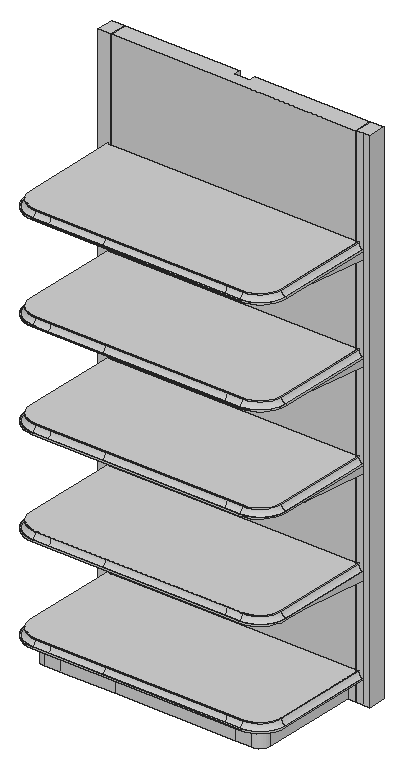
Revit family "ML4", category Specialty Equipment, Revit 2012
Parameters (values of type "Maxi Line Wraparound End (Default)")
  Width = 3' - 0"
  URL = "http://www.madixinc.com/display/maxiline/shelvesaccessories/wraparound.html"
  Model = "Maxi Line"
  Manufacturer = "© 2012 Madix, Inc. All rights reserved."
  "Right" Shelf Depth = 1' - 10"
  "Left" Shelf Depth = 1' - 10"
  "Front" Base Shelf [instance] = yes
  "Front" Shelf 2' [instance] = yes
  "Front" Shelf 3' - 6" [instance] = yes
  "Front" Shelf 5' [instance] = yes
  "Front" Shelf 6' - 6" [instance] = yes
  "Front" Shelf Depth = 1' - 10"
  Height = 8' - 0"
Reference planes (in)
  plane 1 "Center (Front/Back)": y = 0
  plane 2: z = 0
  plane 3 "Center (Left/Right)": x = 0
  plane 4: y = 3.29605
  plane 5: y = 0
  plane 6: z = 96
  plane 7: z = 0
  plane 8 "1st shelf": z = 23.5
  plane 9 "2nd shelf": z = 41.5
  plane 10 "3rd shelf": z = 59.5
  plane 11 "4th shelf": z = 77.5
  plane 12: y = -22.875
  plane 13: x = 0
  plane 14: x = 48.5
  plane 15: x = 0.125
  plane 16: x = 48.375
  plane 17: z = 41.5
  plane 18: y = 26.17105
  plane 19: x = 45.625
  plane 20: x = 2.875
  plane 21: y = -20
  plane 22: y = -22.75
  plane 23: y = -22
  plane 24: x = 2.875
  plane 25: z = 5.5
  plane 26: x = 22.875
  plane 27: x = 25.625
  plane 28: x = 0.875
  plane 29: x = 47.625
Forms (in)
  Extrusion 1, solid, material "Metal - Steel"
    sketch origin (-6, 3.29605, 77.5) x (1, 0, 0) y (0, 1, 0)
      loop
        line (6, 0) -> (4.75, 0) -> (4.75, -3.29605) -> (7.25, -3.29605) -> (7.25, 0) -> (6, 0)
      loop
        line (7.28125, 0) -> (7.28125, -3.29605) -> (53.21875, -3.29605) -> (53.21875, 0) -> (31.625, 0) -> (31.625, -1.25) -> (28.875, -1.25) -> (28.875, 0) -> (7.28125, 0)
      loop
        line (54.5, -3.29605) -> (55.75, -3.29605) -> (55.75, 0) -> (53.25, 0) -> (53.25, -3.29605) -> (54.5, -3.29605)
    from -77.5 to 18.5
  Extrusion 2, solid, material "Metal - Steel", visible <- ""Front" Base Shelf"
    sketch origin (-6, 3.29605, 77.5) x (1, 0, 0) y (0, 1, 0)
      loop
        line (8.875, -3.29605) -> (8.875, -21.29605)
        arc (8.875, -21.29605) -> (9.46079, -22.71027) -> (10.875, -23.29605) r 2
        line (10.875, -23.29605) -> (13.75, -23.29605) -> (24, -23.29605) -> (46.75, -23.29605) -> (49.625, -23.29605)
        arc (49.625, -23.29605) -> (51.03921, -22.71027) -> (51.625, -21.29605) r 2
        line (51.625, -21.29605) -> (51.625, -3.29605) -> (8.875, -3.29605)
    from -77.5 to -72
  Sweep 3, solid, material "Metal - Steel", visible <- ""Front" Base Shelf"
    path in 3D
      loop
        line (2.875, 0, 5.5) -> (2.875, -18, 5.5)
        arc (2.875, -18, 5.5) -> (3.46079, -19.41421, 5.5) -> (4.875, -20, 5.5) r 2
        line (4.875, -20, 5.5) -> (7.75, -20, 5.5) -> (18, -20, 5.5) -> (40.75, -20, 5.5) -> (43.625, -20, 5.5)
        arc (43.625, -20, 5.5) -> (45.03921, -19.41421, 5.5) -> (45.625, -18, 5.5) r 2
        line (45.625, -18, 5.5) -> (45.625, 0, 5.5)
    profile origin (2.875, -9, 5.5) x (1, 0, 0) y (0, 0, 1)
      loop
        line (0, 0) -> (-2, 0) -> (-2.125, 0) -> (-2.125, -0.125) -> (-2, -0.125)
        arc (-2, -0.125) -> (-2.26196, -0.76286) -> (-2.75, -1.25) r 1.75
        line (-2.75, -1.25) -> (-2.75, -1.125) -> (-2.875, -1.125) -> (-2.875, -1.375) -> (0, -1.375) -> (0, 0)
  Extrusion 4, solid, material "Metal - Steel", visible <- ""Front" Shelf 2'"
    sketch origin (-6, 3.29605, 95.5) x (1, 0, 0) y (0, 1, 0)
      loop
        line (8.875, -3.29605) -> (8.875, -21.29605)
        arc (8.875, -21.29605) -> (9.46079, -22.71027) -> (10.875, -23.29605) r 2
        line (10.875, -23.29605) -> (13.75, -23.29605) -> (24, -23.29605) -> (46.75, -23.29605) -> (49.625, -23.29605)
        arc (49.625, -23.29605) -> (51.03921, -22.71027) -> (51.625, -21.29605) r 2
        line (51.625, -21.29605) -> (51.625, -3.29605) -> (8.875, -3.29605)
    from -73.375 to -72
  Sweep 5, solid, material "Metal - Steel", visible <- ""Front" Shelf 2'"
    path in 3D
      loop
        line (2.875, 0, 23.5) -> (2.875, -18, 23.5)
        arc (2.875, -18, 23.5) -> (3.46079, -19.41421, 23.5) -> (4.875, -20, 23.5) r 2
        line (4.875, -20, 23.5) -> (7.75, -20, 23.5) -> (18, -20, 23.5) -> (40.75, -20, 23.5) -> (43.625, -20, 23.5)
        arc (43.625, -20, 23.5) -> (45.03921, -19.41421, 23.5) -> (45.625, -18, 23.5) r 2
        line (45.625, -18, 23.5) -> (45.625, 0, 23.5)
    profile origin (2.875, -9, 23.5) x (1, 0, 0) y (0, 0, 1)
      loop
        line (0, 0) -> (-2, 0) -> (-2.125, 0) -> (-2.125, -0.125) -> (-2, -0.125)
        arc (-2, -0.125) -> (-2.26196, -0.76286) -> (-2.75, -1.25) r 1.75
        line (-2.75, -1.25) -> (-2.75, -1.125) -> (-2.875, -1.125) -> (-2.875, -1.375) -> (0, -1.375) -> (0, 0)
  Extrusion 6, solid, material "Metal - Steel", visible <- ""Front" Shelf 2'"
    sketch origin (0, 1.92105, 0) x (0, 1, 0) y (0, 0, 1)
      loop
        line (-1.92105, 20.75) -> (-1.92105, 22.125) -> (-15.50929, 22.125) -> (-1.92105, 20.75)
    from 0.125 to 0
  Extrusion 7, solid, material "Metal - Steel", visible <- ""Front" Shelf 2'"
    sketch origin (18, 1.92105, 0) x (0, 1, 0) y (0, 0, -1)
      loop
        line (-1.92105, -20.75) -> (-15.50929, -22.125) -> (-1.92105, -22.125) -> (-1.92105, -20.75)
    from -30.375 to -30.5
  Extrusion 8, solid, material "Metal - Steel", visible <- ""Front" Shelf 3' - 6""
    sketch origin (-6, 3.29605, 113.5) x (1, 0, 0) y (0, 1, 0)
      loop
        line (8.875, -3.29605) -> (8.875, -21.29605)
        arc (8.875, -21.29605) -> (9.46079, -22.71027) -> (10.875, -23.29605) r 2
        line (10.875, -23.29605) -> (13.75, -23.29605) -> (24, -23.29605) -> (46.75, -23.29605) -> (49.625, -23.29605)
        arc (49.625, -23.29605) -> (51.03921, -22.71027) -> (51.625, -21.29605) r 2
        line (51.625, -21.29605) -> (51.625, -3.29605) -> (8.875, -3.29605)
    from -73.375 to -72
  Sweep 9, solid, material "Metal - Steel", visible <- ""Front" Shelf 3' - 6""
    path in 3D
      loop
        line (2.875, 0, 41.5) -> (2.875, -18, 41.5)
        arc (2.875, -18, 41.5) -> (3.46079, -19.41421, 41.5) -> (4.875, -20, 41.5) r 2
        line (4.875, -20, 41.5) -> (7.75, -20, 41.5) -> (18, -20, 41.5) -> (40.75, -20, 41.5) -> (43.625, -20, 41.5)
        arc (43.625, -20, 41.5) -> (45.03921, -19.41421, 41.5) -> (45.625, -18, 41.5) r 2
        line (45.625, -18, 41.5) -> (45.625, 0, 41.5)
    profile origin (2.875, -9, 41.5) x (1, 0, 0) y (0, 0, 1)
      loop
        line (0, 0) -> (-2, 0) -> (-2.125, 0) -> (-2.125, -0.125) -> (-2, -0.125)
        arc (-2, -0.125) -> (-2.26196, -0.76286) -> (-2.75, -1.25) r 1.75
        line (-2.75, -1.25) -> (-2.75, -1.125) -> (-2.875, -1.125) -> (-2.875, -1.375) -> (0, -1.375) -> (0, 0)
  Extrusion 10, solid, material "Metal - Steel", visible <- ""Front" Shelf 3' - 6""
    sketch origin (0, 1.92105, 18) x (0, 1, 0) y (0, 0, 1)
      loop
        line (-1.92105, 20.75) -> (-1.92105, 22.125) -> (-15.50929, 22.125) -> (-1.92105, 20.75)
    from 0.125 to 0
  Extrusion 11, solid, material "Metal - Steel", visible <- ""Front" Shelf 3' - 6""
    sketch origin (18, 1.92105, 18) x (0, 1, 0) y (0, 0, -1)
      loop
        line (-1.92105, -20.75) -> (-15.50929, -22.125) -> (-1.92105, -22.125) -> (-1.92105, -20.75)
    from -30.375 to -30.5
  Extrusion 12, solid, material "Metal - Steel", visible <- ""Front" Shelf 5'"
    sketch origin (-6, 3.29605, 131.5) x (1, 0, 0) y (0, 1, 0)
      loop
        line (8.875, -3.29605) -> (8.875, -21.29605)
        arc (8.875, -21.29605) -> (9.46079, -22.71027) -> (10.875, -23.29605) r 2
        line (10.875, -23.29605) -> (13.75, -23.29605) -> (24, -23.29605) -> (46.75, -23.29605) -> (49.625, -23.29605)
        arc (49.625, -23.29605) -> (51.03921, -22.71027) -> (51.625, -21.29605) r 2
        line (51.625, -21.29605) -> (51.625, -3.29605) -> (8.875, -3.29605)
    from -73.375 to -72
  Sweep 13, solid, material "Metal - Steel", visible <- ""Front" Shelf 5'"
    path in 3D
      loop
        line (2.875, 0, 59.5) -> (2.875, -18, 59.5)
        arc (2.875, -18, 59.5) -> (3.46079, -19.41421, 59.5) -> (4.875, -20, 59.5) r 2
        line (4.875, -20, 59.5) -> (7.75, -20, 59.5) -> (18, -20, 59.5) -> (40.75, -20, 59.5) -> (43.625, -20, 59.5)
        arc (43.625, -20, 59.5) -> (45.03921, -19.41421, 59.5) -> (45.625, -18, 59.5) r 2
        line (45.625, -18, 59.5) -> (45.625, 0, 59.5)
    profile origin (2.875, -9, 59.5) x (1, 0, 0) y (0, 0, 1)
      loop
        line (0, 0) -> (-2, 0) -> (-2.125, 0) -> (-2.125, -0.125) -> (-2, -0.125)
        arc (-2, -0.125) -> (-2.26196, -0.76286) -> (-2.75, -1.25) r 1.75
        line (-2.75, -1.25) -> (-2.75, -1.125) -> (-2.875, -1.125) -> (-2.875, -1.375) -> (0, -1.375) -> (0, 0)
  Extrusion 14, solid, material "Metal - Steel", visible <- ""Front" Shelf 5'"
    sketch origin (0, 1.92105, 36) x (0, 1, 0) y (0, 0, 1)
      loop
        line (-1.92105, 20.75) -> (-1.92105, 22.125) -> (-15.50929, 22.125) -> (-1.92105, 20.75)
    from 0.125 to 0
  Extrusion 15, solid, material "Metal - Steel", visible <- ""Front" Shelf 5'"
    sketch origin (18, 1.92105, 36) x (0, 1, 0) y (0, 0, -1)
      loop
        line (-1.92105, -20.75) -> (-15.50929, -22.125) -> (-1.92105, -22.125) -> (-1.92105, -20.75)
    from -30.375 to -30.5
  Extrusion 16, solid, material "Metal - Steel", visible <- ""Front" Shelf 6' - 6""
    sketch origin (-6, 3.29605, 149.5) x (1, 0, 0) y (0, 1, 0)
      loop
        line (8.875, -3.29605) -> (8.875, -21.29605)
        arc (8.875, -21.29605) -> (9.46079, -22.71027) -> (10.875, -23.29605) r 2
        line (10.875, -23.29605) -> (13.75, -23.29605) -> (24, -23.29605) -> (46.75, -23.29605) -> (49.625, -23.29605)
        arc (49.625, -23.29605) -> (51.03921, -22.71027) -> (51.625, -21.29605) r 2
        line (51.625, -21.29605) -> (51.625, -3.29605) -> (8.875, -3.29605)
    from -73.375 to -72
  Sweep 17, solid, material "Metal - Steel", visible <- ""Front" Shelf 6' - 6""
    path in 3D
      loop
        line (2.875, 0, 77.5) -> (2.875, -18, 77.5)
        arc (2.875, -18, 77.5) -> (3.46079, -19.41421, 77.5) -> (4.875, -20, 77.5) r 2
        line (4.875, -20, 77.5) -> (7.75, -20, 77.5) -> (18, -20, 77.5) -> (40.75, -20, 77.5) -> (43.625, -20, 77.5)
        arc (43.625, -20, 77.5) -> (45.03921, -19.41421, 77.5) -> (45.625, -18, 77.5) r 2
        line (45.625, -18, 77.5) -> (45.625, 0, 77.5)
    profile origin (2.875, -9, 77.5) x (1, 0, 0) y (0, 0, 1)
      loop
        line (0, 0) -> (-2, 0) -> (-2.125, 0) -> (-2.125, -0.125) -> (-2, -0.125)
        arc (-2, -0.125) -> (-2.26196, -0.76286) -> (-2.75, -1.25) r 1.75
        line (-2.75, -1.25) -> (-2.75, -1.125) -> (-2.875, -1.125) -> (-2.875, -1.375) -> (0, -1.375) -> (0, 0)
  Extrusion 18, solid, material "Metal - Steel", visible <- ""Front" Shelf 6' - 6""
    sketch origin (0, 1.92105, 54) x (0, 1, 0) y (0, 0, 1)
      loop
        line (-1.92105, 20.75) -> (-1.92105, 22.125) -> (-15.50929, 22.125) -> (-1.92105, 20.75)
    from 0.125 to 0
  Extrusion 19, solid, material "Metal - Steel", visible <- ""Front" Shelf 6' - 6""
    sketch origin (18, 1.92105, 54) x (0, 1, 0) y (0, 0, -1)
      loop
        line (-1.92105, -20.75) -> (-15.50929, -22.125) -> (-1.92105, -22.125) -> (-1.92105, -20.75)
    from -30.375 to -30.5
Cuts and joins
  joined: Extrusion 2, Sweep 3
  joined: Extrusion 4, Sweep 5, Extrusion 6, Extrusion 7
  joined: Extrusion 8, Sweep 9
  joined: Extrusion 12, Sweep 13
  joined: Extrusion 16, Sweep 17
Lines and regions (in)
  sketch lines
    curve 1: line (2.875, 0, 5.5) -> (2.875, -18, 5.5)
    curve 2: arc (4.875, -20, 5.5) -> (3.46079, -19.41421, 5.5) -> (2.875, -18, 5.5) r 2
    curve 3: line (7.75, -20, 5.5) -> (18, -20, 5.5)
    curve 4: line (4.875, -20, 5.5) -> (7.75, -20, 5.5)
    curve 5: line (18, -20, 5.5) -> (40.75, -20, 5.5)
    curve 6: line (40.75, -20, 5.5) -> (43.625, -20, 5.5)
    curve 7: arc (45.625, -18, 5.5) -> (45.03921, -19.41421, 5.5) -> (43.625, -20, 5.5) r 2
    curve 8: line (45.625, -18, 5.5) -> (45.625, 0, 5.5)
    curve 9: line (2.875, 0, 23.5) -> (2.875, -18, 23.5)
    curve 10: arc (4.875, -20, 23.5) -> (3.46079, -19.41421, 23.5) -> (2.875, -18, 23.5) r 2
    curve 11: line (7.75, -20, 23.5) -> (18, -20, 23.5)
    curve 12: line (4.875, -20, 23.5) -> (7.75, -20, 23.5)
    curve 13: line (18, -20, 23.5) -> (40.75, -20, 23.5)
    curve 14: line (40.75, -20, 23.5) -> (43.625, -20, 23.5)
    curve 15: arc (45.625, -18, 23.5) -> (45.03921, -19.41421, 23.5) -> (43.625, -20, 23.5) r 2
    curve 16: line (45.625, -18, 23.5) -> (45.625, 0, 23.5)
    curve 17: line (2.875, 0, 41.5) -> (2.875, -18, 41.5)
    curve 18: arc (4.875, -20, 41.5) -> (3.46079, -19.41421, 41.5) -> (2.875, -18, 41.5) r 2
    curve 19: line (7.75, -20, 41.5) -> (18, -20, 41.5)
    curve 20: line (4.875, -20, 41.5) -> (7.75, -20, 41.5)
    curve 21: line (18, -20, 41.5) -> (40.75, -20, 41.5)
    curve 22: line (40.75, -20, 41.5) -> (43.625, -20, 41.5)
    curve 23: arc (45.625, -18, 41.5) -> (45.03921, -19.41421, 41.5) -> (43.625, -20, 41.5) r 2
    curve 24: line (45.625, -18, 41.5) -> (45.625, 0, 41.5)
    curve 25: line (2.875, 0, 59.5) -> (2.875, -18, 59.5)
    curve 26: arc (4.875, -20, 59.5) -> (3.46079, -19.41421, 59.5) -> (2.875, -18, 59.5) r 2
    curve 27: line (7.75, -20, 59.5) -> (18, -20, 59.5)
    curve 28: line (4.875, -20, 59.5) -> (7.75, -20, 59.5)
    curve 29: line (18, -20, 59.5) -> (40.75, -20, 59.5)
    curve 30: line (40.75, -20, 59.5) -> (43.625, -20, 59.5)
    curve 31: arc (45.625, -18, 59.5) -> (45.03921, -19.41421, 59.5) -> (43.625, -20, 59.5) r 2
    curve 32: line (45.625, -18, 59.5) -> (45.625, 0, 59.5)
    curve 33: line (2.875, 0, 77.5) -> (2.875, -18, 77.5)
    curve 34: arc (4.875, -20, 77.5) -> (3.46079, -19.41421, 77.5) -> (2.875, -18, 77.5) r 2
    curve 35: line (7.75, -20, 77.5) -> (18, -20, 77.5)
    curve 36: line (4.875, -20, 77.5) -> (7.75, -20, 77.5)
    curve 37: line (18, -20, 77.5) -> (40.75, -20, 77.5)
    curve 38: line (40.75, -20, 77.5) -> (43.625, -20, 77.5)
    curve 39: arc (45.625, -18, 77.5) -> (45.03921, -19.41421, 77.5) -> (43.625, -20, 77.5) r 2
    curve 40: line (45.625, -18, 77.5) -> (45.625, 0, 77.5)
Dimensions and locks (in)
  "Height": plane 6 to level
  locked: plane 13 to plane 15 at 0.125
  locked: plane 16 to plane 14 at 0.125
  locked: plane 13 to plane 20 at 2.875
  locked: plane 19 to plane 14 at 2.875
  ""Front" Shelf Depth": plane 23 to plane 5
  locked: plane 12 to plane 21 at 2.875
  locked: plane 22 to plane 12 at 0.125
  locked: plane 12 to plane 23 at 0.875
  locked: plane 26 to plane 27 at 2.75
  locked: plane 29 to plane 14 at 0.875
  locked: plane 13 to plane 28 at 0.875
  ""Left" Shelf Depth": plane 28 to plane 26
  ""Right" Shelf Depth": plane 27 to plane 29
  aligned and locked: level to plane 2
  aligned and locked: Extrusion 1 to level
  aligned and locked: plane 5 to Extrusion 1
  aligned and locked: Extrusion 1 to plane 6
  aligned and locked: plane 13 to Extrusion 6
  aligned and locked: plane 15 to Extrusion 6
  aligned and locked: Extrusion 7 to plane 14
  aligned and locked: plane 16 to Extrusion 7
  aligned and locked: plane 13 to Extrusion 18
  aligned and locked: plane 15 to Extrusion 18
  aligned and locked: plane 13 to Extrusion 14
  aligned and locked: plane 15 to Extrusion 14
  aligned and locked: plane 13 to Extrusion 10
  aligned and locked: plane 15 to Extrusion 10
  aligned and locked: Extrusion 19 to plane 14
  aligned and locked: plane 16 to Extrusion 19
  aligned and locked: Extrusion 15 to plane 14
  aligned and locked: plane 16 to Extrusion 15
  aligned and locked: Extrusion 11 to plane 14
  aligned and locked: plane 16 to Extrusion 11
  aligned and locked: plane 26 to Extrusion 1
  aligned and locked: plane 27 to Extrusion 1
  aligned and locked: plane 28 to cut or joined group of Extrusion 2, Sweep 3
  aligned and locked: plane 29 to cut or joined group of Extrusion 2, Sweep 3
Automatic sketch dimensions
  Extrusion 1 sketch curve to plane 4 = 0' - 0"  (x4)
  plane 5 to Extrusion 1 sketch curve = 0' - 0"  (x3)
  Extrusion 1 sketch curve to plane 13 = 0' - 0"
  Extrusion 1 sketch curve to plane 14 = 0' - 0"
  plane 13 to Extrusion 1 sketch curve = 0' - 1 1/4"
  plane 15 to Extrusion 1 sketch curve = 0' - 1 1/8"
  Extrusion 1 sketch curve to Extrusion 1 sketch curve = 0' - 0 1/32"  (x2)
  Extrusion 1 sketch curve to plane 1 "Center (Front/Back)" = 0' - 2.04605"
  plane 3 "Center (Left/Right)" to Extrusion 1 sketch curve = 1' - 10 7/8"
  plane 3 "Center (Left/Right)" to Extrusion 1 sketch curve = 2' - 1 5/8"
  plane 16 to Extrusion 1 sketch curve = 0' - 1 5/32"
  Extrusion 1 sketch curve to plane 14 = 0' - 1 1/4"
  plane 5 to Extrusion 2 sketch curve = 0' - 0"
  Extrusion 2 sketch curve to plane 20 = 0' - 0"
  plane 21 to Extrusion 2 sketch curve = 0' - 0"
  plane 3 "Center (Left/Right)" to Extrusion 2 sketch curve = 1' - 6"
  Extrusion 2 sketch curve to plane 19 = 0' - 0"
  plane 20 to Extrusion 2 sketch curve = 0' - 2"
  Extrusion 2 sketch curve to Extrusion 2 sketch curve = 0' - 2 7/8"
  Extrusion 2 sketch curve to plane 19 = 0' - 4 7/8"
  Extrusion 2 sketch curve to plane 19 = 0' - 2"
  Sweep 3 sketch curve to profile plane = 0' - 0"
  profile plane to Sweep 3 sketch curve = 0' - 0"
  Sweep 3 sketch curve to profile plane = 0' - 0 1/8"
  profile plane to Sweep 3 sketch curve = 0' - 2"
  Sweep 3 sketch curve to Sweep 3 sketch curve = 0' - 0"
  Sweep 3 sketch curve to Sweep 3 sketch curve = 0' - 0 1/8"  (x3)
  Sweep 3 sketch curve to Sweep 3 sketch curve = 0' - 0 5/8"
  profile plane to Sweep 3 sketch curve = 0' - 0.20787"
  Sweep 3 sketch curve to Sweep 3 sketch curve = 0' - 0.84305"
  Sweep 3 sketch curve to profile plane = 0' - 1 3/8"
  plane 5 to Extrusion 4 sketch curve = 0' - 0"
  Extrusion 4 sketch curve to plane 20 = 0' - 0"
  plane 21 to Extrusion 4 sketch curve = 0' - 0"
  plane 3 "Center (Left/Right)" to Extrusion 4 sketch curve = 1' - 6"
  Extrusion 4 sketch curve to plane 19 = 0' - 0"
  plane 20 to Extrusion 4 sketch curve = 0' - 2"
  Extrusion 4 sketch curve to Extrusion 4 sketch curve = 0' - 2 7/8"
  Extrusion 4 sketch curve to plane 19 = 0' - 4 7/8"
  Extrusion 4 sketch curve to plane 19 = 0' - 2"
  Sweep 5 sketch curve to profile plane = 0' - 0"
  profile plane to Sweep 5 sketch curve = 0' - 0"
  Sweep 5 sketch curve to profile plane = 0' - 0 1/8"
  profile plane to Sweep 5 sketch curve = 0' - 2"
  Sweep 5 sketch curve to Sweep 5 sketch curve = 0' - 0"
  Sweep 5 sketch curve to Sweep 5 sketch curve = 0' - 0 1/8"  (x3)
  Sweep 5 sketch curve to Sweep 5 sketch curve = 0' - 0 5/8"
  profile plane to Sweep 5 sketch curve = 0' - 0.20787"
  Sweep 5 sketch curve to Sweep 5 sketch curve = 0' - 0.84305"
  Sweep 5 sketch curve to profile plane = 0' - 1 3/8"
  Extrusion 6 sketch curve to plane 5 = 0' - 0"
  Extrusion 6 sketch curve to plane 8 "1st shelf" = 0' - 1 3/8"
  Extrusion 6 sketch curve to plane 21 = 0' - 6.41176"
  Extrusion 6 sketch curve to Extrusion 6 sketch curve = 0' - 1 3/8"
  Extrusion 7 sketch curve to plane 5 = 0' - 0"
  Extrusion 7 sketch curve to plane 8 "1st shelf" = 0' - 1 3/8"
  Extrusion 7 sketch curve to plane 21 = 0' - 6.41176"
  Extrusion 7 sketch curve to Extrusion 7 sketch curve = 0' - 1 3/8"
  plane 5 to Extrusion 8 sketch curve = 0' - 0"
  Extrusion 8 sketch curve to plane 20 = 0' - 0"
  plane 21 to Extrusion 8 sketch curve = 0' - 0"
  plane 3 "Center (Left/Right)" to Extrusion 8 sketch curve = 1' - 6"
  Extrusion 8 sketch curve to plane 19 = 0' - 0"
  plane 20 to Extrusion 8 sketch curve = 0' - 2"
  Extrusion 8 sketch curve to Extrusion 8 sketch curve = 0' - 2 7/8"
  Extrusion 8 sketch curve to plane 19 = 0' - 4 7/8"
  Extrusion 8 sketch curve to plane 19 = 0' - 2"
  Sweep 9 sketch curve to profile plane = 0' - 0"
  profile plane to Sweep 9 sketch curve = 0' - 0"
  Sweep 9 sketch curve to profile plane = 0' - 0 1/8"
  profile plane to Sweep 9 sketch curve = 0' - 2"
  Sweep 9 sketch curve to Sweep 9 sketch curve = 0' - 0"
  Sweep 9 sketch curve to Sweep 9 sketch curve = 0' - 0 1/8"  (x3)
  Sweep 9 sketch curve to Sweep 9 sketch curve = 0' - 0 5/8"
  profile plane to Sweep 9 sketch curve = 0' - 0.20787"
  Sweep 9 sketch curve to Sweep 9 sketch curve = 0' - 0.84305"
  Sweep 9 sketch curve to Sweep 9 sketch curve = 0' - 1 3/8"
  Extrusion 10 sketch curve to plane 5 = 0' - 0"
  Extrusion 10 sketch curve to plane 9 "2nd shelf" = 0' - 1 3/8"
  Extrusion 10 sketch curve to plane 21 = 0' - 6.41176"
  Extrusion 10 sketch curve to Extrusion 10 sketch curve = 0' - 1 3/8"
  Extrusion 11 sketch curve to plane 5 = 0' - 0"
  Extrusion 11 sketch curve to plane 9 "2nd shelf" = 0' - 1 3/8"
  Extrusion 11 sketch curve to plane 21 = 0' - 6.41176"
  Extrusion 11 sketch curve to Extrusion 11 sketch curve = 0' - 1 3/8"
  plane 5 to Extrusion 12 sketch curve = 0' - 0"
  Extrusion 12 sketch curve to plane 20 = 0' - 0"
  plane 21 to Extrusion 12 sketch curve = 0' - 0"
  plane 3 "Center (Left/Right)" to Extrusion 12 sketch curve = 1' - 6"
  Extrusion 12 sketch curve to plane 19 = 0' - 0"
  plane 20 to Extrusion 12 sketch curve = 0' - 2"
  Extrusion 12 sketch curve to Extrusion 12 sketch curve = 0' - 2 7/8"
  Extrusion 12 sketch curve to plane 19 = 0' - 4 7/8"
  Extrusion 12 sketch curve to plane 19 = 0' - 2"
  Sweep 13 sketch curve to profile plane = 0' - 0"
  profile plane to Sweep 13 sketch curve = 0' - 0"
  Sweep 13 sketch curve to profile plane = 0' - 0 1/8"
  profile plane to Sweep 13 sketch curve = 0' - 2"
  Sweep 13 sketch curve to Sweep 13 sketch curve = 0' - 0"
  Sweep 13 sketch curve to Sweep 13 sketch curve = 0' - 0 1/8"  (x3)
  Sweep 13 sketch curve to Sweep 13 sketch curve = 0' - 0 5/8"
  profile plane to Sweep 13 sketch curve = 0' - 0.20787"
  Sweep 13 sketch curve to Sweep 13 sketch curve = 0' - 0.84305"
  Sweep 13 sketch curve to Sweep 13 sketch curve = 0' - 1 3/8"
  Extrusion 14 sketch curve to plane 5 = 0' - 0"
  Extrusion 14 sketch curve to plane 10 "3rd shelf" = 0' - 1 3/8"
  Extrusion 14 sketch curve to plane 21 = 0' - 6.41176"
  Extrusion 14 sketch curve to Extrusion 14 sketch curve = 0' - 1 3/8"
  Extrusion 15 sketch curve to plane 5 = 0' - 0"
  Extrusion 15 sketch curve to plane 10 "3rd shelf" = 0' - 1 3/8"
  Extrusion 15 sketch curve to plane 21 = 0' - 6.41176"
  Extrusion 15 sketch curve to Extrusion 15 sketch curve = 0' - 1 3/8"
  plane 5 to Extrusion 16 sketch curve = 0' - 0"
  Extrusion 16 sketch curve to plane 20 = 0' - 0"
  plane 21 to Extrusion 16 sketch curve = 0' - 0"
  plane 3 "Center (Left/Right)" to Extrusion 16 sketch curve = 1' - 6"
  Extrusion 16 sketch curve to plane 19 = 0' - 0"
  plane 20 to Extrusion 16 sketch curve = 0' - 2"
  Extrusion 16 sketch curve to Extrusion 16 sketch curve = 0' - 2 7/8"
  Extrusion 16 sketch curve to plane 19 = 0' - 4 7/8"
  Extrusion 16 sketch curve to plane 19 = 0' - 2"
  Sweep 17 sketch curve to profile plane = 0' - 0"
  profile plane to Sweep 17 sketch curve = 0' - 0"
  Sweep 17 sketch curve to profile plane = 0' - 0 1/8"
  profile plane to Sweep 17 sketch curve = 0' - 2"
  Sweep 17 sketch curve to Sweep 17 sketch curve = 0' - 0"
  Sweep 17 sketch curve to Sweep 17 sketch curve = 0' - 0 1/8"  (x3)
  Sweep 17 sketch curve to Sweep 17 sketch curve = 0' - 0 5/8"
  profile plane to Sweep 17 sketch curve = 0' - 0.20787"
  Sweep 17 sketch curve to Sweep 17 sketch curve = 0' - 0.84305"
  Sweep 17 sketch curve to Sweep 17 sketch curve = 0' - 1 3/8"
  Extrusion 18 sketch curve to plane 5 = 0' - 0"
  Extrusion 18 sketch curve to plane 11 "4th shelf" = 0' - 1 3/8"
  Extrusion 18 sketch curve to plane 21 = 0' - 6.41176"
  Extrusion 18 sketch curve to Extrusion 18 sketch curve = 0' - 1 3/8"
  Extrusion 19 sketch curve to plane 5 = 0' - 0"
  Extrusion 19 sketch curve to plane 11 "4th shelf" = 0' - 1 3/8"
  Extrusion 19 sketch curve to plane 21 = 0' - 6.41176"
  Extrusion 19 sketch curve to Extrusion 19 sketch curve = 0' - 1 3/8"
